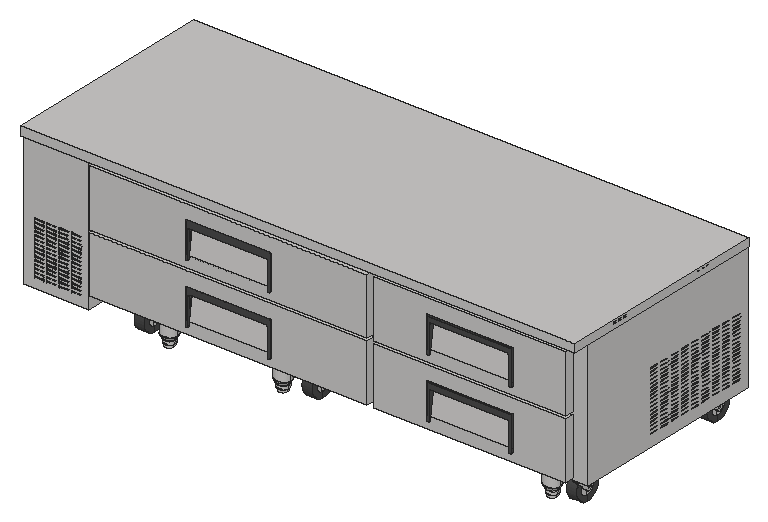
Revit family "QF_EVEREST_ECB82D4", category Specialty Equipment, Revit 2015 (continued)
Forms (mm)
  Extrusion 14, void
    sketch origin (3.002, 0, 593.978) x (0, 0, -1) y (0, -1, 0)
      loop
        arc (312.478, 231.5) -> (316.478, 227.5) -> (320.478, 231.5) r 4
        line (320.478, 231.5) -> (320.478, 263.5)
        arc (320.478, 263.5) -> (316.478, 267.5) -> (312.478, 263.5) r 4
        line (312.478, 263.5) -> (312.478, 231.5)
      loop
        arc (312.478, 280) -> (316.478, 276) -> (320.478, 280) r 4
        line (320.478, 280) -> (320.478, 312)
        arc (320.478, 312) -> (316.478, 316) -> (312.478, 312) r 4
        line (312.478, 312) -> (312.478, 280)
      loop
        arc (312.478, 328.5) -> (316.478, 324.5) -> (320.478, 328.5) r 4
        line (320.478, 328.5) -> (320.478, 360.5)
        arc (320.478, 360.5) -> (316.478, 364.5) -> (312.478, 360.5) r 4
        line (312.478, 360.5) -> (312.478, 328.5)
      loop
        arc (312.478, 377) -> (316.478, 373) -> (320.478, 377) r 4
        line (320.478, 377) -> (320.478, 409)
        arc (320.478, 409) -> (316.478, 413) -> (312.478, 409) r 4
        line (312.478, 409) -> (312.478, 377)
      loop
        arc (312.478, 425.5) -> (316.478, 421.5) -> (320.478, 425.5) r 4
        line (320.478, 425.5) -> (320.478, 457.5)
        arc (320.478, 457.5) -> (316.478, 461.5) -> (312.478, 457.5) r 4
        line (312.478, 457.5) -> (312.478, 425.5)
      loop
        arc (325.478, 37.5) -> (329.478, 33.5) -> (333.478, 37.5) r 4
        line (333.478, 37.5) -> (333.478, 69.5)
        arc (333.478, 69.5) -> (329.478, 73.5) -> (325.478, 69.5) r 4
        line (325.478, 69.5) -> (325.478, 37.5)
      loop
        arc (325.478, 86) -> (329.478, 82) -> (333.478, 86) r 4
        line (333.478, 86) -> (333.478, 118)
        arc (333.478, 118) -> (329.478, 122) -> (325.478, 118) r 4
        line (325.478, 118) -> (325.478, 86)
      loop
        arc (325.478, 134.5) -> (329.478, 130.5) -> (333.478, 134.5) r 4
        line (333.478, 134.5) -> (333.478, 166.5)
        arc (333.478, 166.5) -> (329.478, 170.5) -> (325.478, 166.5) r 4
        line (325.478, 166.5) -> (325.478, 134.5)
      loop
        arc (325.478, 183) -> (329.478, 179) -> (333.478, 183) r 4
        line (333.478, 183) -> (333.478, 215)
        arc (333.478, 215) -> (329.478, 219) -> (325.478, 215) r 4
        line (325.478, 215) -> (325.478, 183)
      loop
        arc (325.478, 231.5) -> (329.478, 227.5) -> (333.478, 231.5) r 4
        line (333.478, 231.5) -> (333.478, 263.5)
        arc (333.478, 263.5) -> (329.478, 267.5) -> (325.478, 263.5) r 4
        line (325.478, 263.5) -> (325.478, 231.5)
      loop
        arc (325.478, 280) -> (329.478, 276) -> (333.478, 280) r 4
        line (333.478, 280) -> (333.478, 312)
        arc (333.478, 312) -> (329.478, 316) -> (325.478, 312) r 4
        line (325.478, 312) -> (325.478, 280)
      loop
        arc (325.478, 328.5) -> (329.478, 324.5) -> (333.478, 328.5) r 4
        line (333.478, 328.5) -> (333.478, 360.5)
        arc (333.478, 360.5) -> (329.478, 364.5) -> (325.478, 360.5) r 4
        line (325.478, 360.5) -> (325.478, 328.5)
      loop
        arc (325.478, 377) -> (329.478, 373) -> (333.478, 377) r 4
        line (333.478, 377) -> (333.478, 409)
        arc (333.478, 409) -> (329.478, 413) -> (325.478, 409) r 4
        line (325.478, 409) -> (325.478, 377)
      loop
        arc (325.478, 425.5) -> (329.478, 421.5) -> (333.478, 425.5) r 4
        line (333.478, 425.5) -> (333.478, 457.5)
        arc (333.478, 457.5) -> (329.478, 461.5) -> (325.478, 457.5) r 4
        line (325.478, 457.5) -> (325.478, 425.5)
      loop
        arc (338.478, 37.5) -> (342.478, 33.5) -> (346.478, 37.5) r 4
        line (346.478, 37.5) -> (346.478, 69.5)
        arc (346.478, 69.5) -> (342.478, 73.5) -> (338.478, 69.5) r 4
        line (338.478, 69.5) -> (338.478, 37.5)
      loop
        arc (338.478, 86) -> (342.478, 82) -> (346.478, 86) r 4
        line (346.478, 86) -> (346.478, 118)
        arc (346.478, 118) -> (342.478, 122) -> (338.478, 118) r 4
        line (338.478, 118) -> (338.478, 86)
      loop
        arc (338.478, 134.5) -> (342.478, 130.5) -> (346.478, 134.5) r 4
        line (346.478, 134.5) -> (346.478, 166.5)
        arc (346.478, 166.5) -> (342.478, 170.5) -> (338.478, 166.5) r 4
        line (338.478, 166.5) -> (338.478, 134.5)
      loop
        arc (338.478, 183) -> (342.478, 179) -> (346.478, 183) r 4
        line (346.478, 183) -> (346.478, 215)
        arc (346.478, 215) -> (342.478, 219) -> (338.478, 215) r 4
        line (338.478, 215) -> (338.478, 183)
      loop
        arc (338.478, 231.5) -> (342.478, 227.5) -> (346.478, 231.5) r 4
        line (346.478, 231.5) -> (346.478, 263.5)
        arc (346.478, 263.5) -> (342.478, 267.5) -> (338.478, 263.5) r 4
        line (338.478, 263.5) -> (338.478, 231.5)
      loop
        arc (338.478, 280) -> (342.478, 276) -> (346.478, 280) r 4
        line (346.478, 280) -> (346.478, 312)
        arc (346.478, 312) -> (342.478, 316) -> (338.478, 312) r 4
        line (338.478, 312) -> (338.478, 280)
      loop
        arc (338.478, 328.5) -> (342.478, 324.5) -> (346.478, 328.5) r 4
        line (346.478, 328.5) -> (346.478, 360.5)
        arc (346.478, 360.5) -> (342.478, 364.5) -> (338.478, 360.5) r 4
        line (338.478, 360.5) -> (338.478, 328.5)
      loop
        arc (338.478, 377) -> (342.478, 373) -> (346.478, 377) r 4
        line (346.478, 377) -> (346.478, 409)
        arc (346.478, 409) -> (342.478, 413) -> (338.478, 409) r 4
        line (338.478, 409) -> (338.478, 377)
      loop
        arc (338.478, 425.5) -> (342.478, 421.5) -> (346.478, 425.5) r 4
        line (346.478, 425.5) -> (346.478, 457.5)
        arc (346.478, 457.5) -> (342.478, 461.5) -> (338.478, 457.5) r 4
        line (338.478, 457.5) -> (338.478, 425.5)
      loop
        arc (351.478, 37.5) -> (355.478, 33.5) -> (359.478, 37.5) r 4
        line (359.478, 37.5) -> (359.478, 69.5)
        arc (359.478, 69.5) -> (355.478, 73.5) -> (351.478, 69.5) r 4
        line (351.478, 69.5) -> (351.478, 37.5)
      loop
        arc (351.478, 86) -> (355.478, 82) -> (359.478, 86) r 4
        line (359.478, 86) -> (359.478, 118)
        arc (359.478, 118) -> (355.478, 122) -> (351.478, 118) r 4
        line (351.478, 118) -> (351.478, 86)
      loop
        arc (351.478, 134.5) -> (355.478, 130.5) -> (359.478, 134.5) r 4
        line (359.478, 134.5) -> (359.478, 166.5)
        arc (359.478, 166.5) -> (355.478, 170.5) -> (351.478, 166.5) r 4
        line (351.478, 166.5) -> (351.478, 134.5)
      loop
        arc (351.478, 183) -> (355.478, 179) -> (359.478, 183) r 4
        line (359.478, 183) -> (359.478, 215)
        arc (359.478, 215) -> (355.478, 219) -> (351.478, 215) r 4
        line (351.478, 215) -> (351.478, 183)
      loop
        arc (351.478, 231.5) -> (355.478, 227.5) -> (359.478, 231.5) r 4
        line (359.478, 231.5) -> (359.478, 263.5)
        arc (359.478, 263.5) -> (355.478, 267.5) -> (351.478, 263.5) r 4
        line (351.478, 263.5) -> (351.478, 231.5)
      loop
        arc (351.478, 280) -> (355.478, 276) -> (359.478, 280) r 4
        line (359.478, 280) -> (359.478, 312)
        arc (359.478, 312) -> (355.478, 316) -> (351.478, 312) r 4
        line (351.478, 312) -> (351.478, 280)
      loop
        arc (351.478, 328.5) -> (355.478, 324.5) -> (359.478, 328.5) r 4
        line (359.478, 328.5) -> (359.478, 360.5)
        arc (359.478, 360.5) -> (355.478, 364.5) -> (351.478, 360.5) r 4
        line (351.478, 360.5) -> (351.478, 328.5)
      loop
        arc (351.478, 377) -> (355.478, 373) -> (359.478, 377) r 4
        line (359.478, 377) -> (359.478, 409)
        arc (359.478, 409) -> (355.478, 413) -> (351.478, 409) r 4
        line (351.478, 409) -> (351.478, 377)
      loop
        arc (351.478, 425.5) -> (355.478, 421.5) -> (359.478, 425.5) r 4
        line (359.478, 425.5) -> (359.478, 457.5)
        arc (359.478, 457.5) -> (355.478, 461.5) -> (351.478, 457.5) r 4
        line (351.478, 457.5) -> (351.478, 425.5)
      loop
        arc (364.478, 37.5) -> (368.478, 33.5) -> (372.478, 37.5) r 4
        line (372.478, 37.5) -> (372.478, 69.5)
        arc (372.478, 69.5) -> (368.478, 73.5) -> (364.478, 69.5) r 4
        line (364.478, 69.5) -> (364.478, 37.5)
      loop
        arc (364.478, 86) -> (368.478, 82) -> (372.478, 86) r 4
        line (372.478, 86) -> (372.478, 118)
        arc (372.478, 118) -> (368.478, 122) -> (364.478, 118) r 4
        line (364.478, 118) -> (364.478, 86)
      loop
        arc (364.478, 134.5) -> (368.478, 130.5) -> (372.478, 134.5) r 4
        line (372.478, 134.5) -> (372.478, 166.5)
        arc (372.478, 166.5) -> (368.478, 170.5) -> (364.478, 166.5) r 4
        line (364.478, 166.5) -> (364.478, 134.5)
      loop
        arc (364.478, 183) -> (368.478, 179) -> (372.478, 183) r 4
        line (372.478, 183) -> (372.478, 215)
        arc (372.478, 215) -> (368.478, 219) -> (364.478, 215) r 4
        line (364.478, 215) -> (364.478, 183)
      loop
        arc (364.478, 231.5) -> (368.478, 227.5) -> (372.478, 231.5) r 4
        line (372.478, 231.5) -> (372.478, 263.5)
        arc (372.478, 263.5) -> (368.478, 267.5) -> (364.478, 263.5) r 4
        line (364.478, 263.5) -> (364.478, 231.5)
      loop
        arc (364.478, 280) -> (368.478, 276) -> (372.478, 280) r 4
        line (372.478, 280) -> (372.478, 312)
        arc (372.478, 312) -> (368.478, 316) -> (364.478, 312) r 4
        line (364.478, 312) -> (364.478, 280)
      loop
        arc (364.478, 328.5) -> (368.478, 324.5) -> (372.478, 328.5) r 4
        line (372.478, 328.5) -> (372.478, 360.5)
        arc (372.478, 360.5) -> (368.478, 364.5) -> (364.478, 360.5) r 4
        line (364.478, 360.5) -> (364.478, 328.5)
      loop
        arc (364.478, 377) -> (368.478, 373) -> (372.478, 377) r 4
        line (372.478, 377) -> (372.478, 409)
        arc (372.478, 409) -> (368.478, 413) -> (364.478, 409) r 4
        line (364.478, 409) -> (364.478, 377)
      loop
        arc (364.478, 425.5) -> (368.478, 421.5) -> (372.478, 425.5) r 4
        line (372.478, 425.5) -> (372.478, 457.5)
        arc (372.478, 457.5) -> (368.478, 461.5) -> (364.478, 457.5) r 4
        line (364.478, 457.5) -> (364.478, 425.5)
      loop
        arc (377.478, 37.5) -> (381.478, 33.5) -> (385.478, 37.5) r 4
        line (385.478, 37.5) -> (385.478, 69.5)
        arc (385.478, 69.5) -> (381.478, 73.5) -> (377.478, 69.5) r 4
        line (377.478, 69.5) -> (377.478, 37.5)
      loop
        arc (377.478, 86) -> (381.478, 82) -> (385.478, 86) r 4
        line (385.478, 86) -> (385.478, 118)
        arc (385.478, 118) -> (381.478, 122) -> (377.478, 118) r 4
        line (377.478, 118) -> (377.478, 86)
      loop
        arc (377.478, 134.5) -> (381.478, 130.5) -> (385.478, 134.5) r 4
        line (385.478, 134.5) -> (385.478, 166.5)
        arc (385.478, 166.5) -> (381.478, 170.5) -> (377.478, 166.5) r 4
        line (377.478, 166.5) -> (377.478, 134.5)
      loop
        arc (377.478, 183) -> (381.478, 179) -> (385.478, 183) r 4
        line (385.478, 183) -> (385.478, 215)
        arc (385.478, 215) -> (381.478, 219) -> (377.478, 215) r 4
        line (377.478, 215) -> (377.478, 183)
      loop
        arc (377.478, 231.5) -> (381.478, 227.5) -> (385.478, 231.5) r 4
        line (385.478, 231.5) -> (385.478, 263.5)
        arc (385.478, 263.5) -> (381.478, 267.5) -> (377.478, 263.5) r 4
        line (377.478, 263.5) -> (377.478, 231.5)
      loop
        arc (377.478, 280) -> (381.478, 276) -> (385.478, 280) r 4
        line (385.478, 280) -> (385.478, 312)
        arc (385.478, 312) -> (381.478, 316) -> (377.478, 312) r 4
        line (377.478, 312) -> (377.478, 280)
      loop
        arc (377.478, 328.5) -> (381.478, 324.5) -> (385.478, 328.5) r 4
        line (385.478, 328.5) -> (385.478, 360.5)
        arc (385.478, 360.5) -> (381.478, 364.5) -> (377.478, 360.5) r 4
        line (377.478, 360.5) -> (377.478, 328.5)
      loop
        arc (377.478, 377) -> (381.478, 373) -> (385.478, 377) r 4
        line (385.478, 377) -> (385.478, 409)
        arc (385.478, 409) -> (381.478, 413) -> (377.478, 409) r 4
        line (377.478, 409) -> (377.478, 377)
      loop
        arc (377.478, 425.5) -> (381.478, 421.5) -> (385.478, 425.5) r 4
        line (385.478, 425.5) -> (385.478, 457.5)
        arc (385.478, 457.5) -> (381.478, 461.5) -> (377.478, 457.5) r 4
        line (377.478, 457.5) -> (377.478, 425.5)
      loop
        arc (390.478, 37.5) -> (394.478, 33.5) -> (398.478, 37.5) r 4
        line (398.478, 37.5) -> (398.478, 69.5)
        arc (398.478, 69.5) -> (394.478, 73.5) -> (390.478, 69.5) r 4
        line (390.478, 69.5) -> (390.478, 37.5)
      loop
        arc (390.478, 86) -> (394.478, 82) -> (398.478, 86) r 4
        line (398.478, 86) -> (398.478, 118)
        arc (398.478, 118) -> (394.478, 122) -> (390.478, 118) r 4
        line (390.478, 118) -> (390.478, 86)
      loop
        arc (390.478, 134.5) -> (394.478, 130.5) -> (398.478, 134.5) r 4
        line (398.478, 134.5) -> (398.478, 166.5)
        arc (398.478, 166.5) -> (394.478, 170.5) -> (390.478, 166.5) r 4
        line (390.478, 166.5) -> (390.478, 134.5)
      loop
        arc (390.478, 183) -> (394.478, 179) -> (398.478, 183) r 4
        line (398.478, 183) -> (398.478, 215)
        arc (398.478, 215) -> (394.478, 219) -> (390.478, 215) r 4
        line (390.478, 215) -> (390.478, 183)
      loop
        arc (390.478, 231.5) -> (394.478, 227.5) -> (398.478, 231.5) r 4
        line (398.478, 231.5) -> (398.478, 263.5)
        arc (398.478, 263.5) -> (394.478, 267.5) -> (390.478, 263.5) r 4
        line (390.478, 263.5) -> (390.478, 231.5)
      loop
        arc (390.478, 280) -> (394.478, 276) -> (398.478, 280) r 4
        line (398.478, 280) -> (398.478, 312)
        arc (398.478, 312) -> (394.478, 316) -> (390.478, 312) r 4
        line (390.478, 312) -> (390.478, 280)
      loop
        arc (390.478, 328.5) -> (394.478, 324.5) -> (398.478, 328.5) r 4
        line (398.478, 328.5) -> (398.478, 360.5)
        arc (398.478, 360.5) -> (394.478, 364.5) -> (390.478, 360.5) r 4
        line (390.478, 360.5) -> (390.478, 328.5)
      loop
        arc (390.478, 377) -> (394.478, 373) -> (398.478, 377) r 4
        line (398.478, 377) -> (398.478, 409)
        arc (398.478, 409) -> (394.478, 413) -> (390.478, 409) r 4
        line (390.478, 409) -> (390.478, 377)
      loop
        arc (390.478, 425.5) -> (394.478, 421.5) -> (398.478, 425.5) r 4
        line (398.478, 425.5) -> (398.478, 457.5)
        arc (398.478, 457.5) -> (394.478, 461.5) -> (390.478, 457.5) r 4
        line (390.478, 457.5) -> (390.478, 425.5)
      loop
        arc (403.478, 37.5) -> (407.478, 33.5) -> (411.478, 37.5) r 4
        line (411.478, 37.5) -> (411.478, 69.5)
        arc (411.478, 69.5) -> (407.478, 73.5) -> (403.478, 69.5) r 4
        line (403.478, 69.5) -> (403.478, 37.5)
      loop
        arc (403.478, 86) -> (407.478, 82) -> (411.478, 86) r 4
        line (411.478, 86) -> (411.478, 118)
        arc (411.478, 118) -> (407.478, 122) -> (403.478, 118) r 4
        line (403.478, 118) -> (403.478, 86)
      loop
        arc (403.478, 134.5) -> (407.478, 130.5) -> (411.478, 134.5) r 4
        line (411.478, 134.5) -> (411.478, 166.5)
        arc (411.478, 166.5) -> (407.478, 170.5) -> (403.478, 166.5) r 4
        line (403.478, 166.5) -> (403.478, 134.5)
      loop
        arc (403.478, 183) -> (407.478, 179) -> (411.478, 183) r 4
        line (411.478, 183) -> (411.478, 215)
        arc (411.478, 215) -> (407.478, 219) -> (403.478, 215) r 4
        line (403.478, 215) -> (403.478, 183)
      loop
        arc (403.478, 231.5) -> (407.478, 227.5) -> (411.478, 231.5) r 4
        line (411.478, 231.5) -> (411.478, 263.5)
        arc (411.478, 263.5) -> (407.478, 267.5) -> (403.478, 263.5) r 4
        line (403.478, 263.5) -> (403.478, 231.5)
      loop
        arc (403.478, 280) -> (407.478, 276) -> (411.478, 280) r 4
        line (411.478, 280) -> (411.478, 312)
        arc (411.478, 312) -> (407.478, 316) -> (403.478, 312) r 4
        line (403.478, 312) -> (403.478, 280)
      loop
        arc (403.478, 328.5) -> (407.478, 324.5) -> (411.478, 328.5) r 4
        line (411.478, 328.5) -> (411.478, 360.5)
        arc (411.478, 360.5) -> (407.478, 364.5) -> (403.478, 360.5) r 4
        line (403.478, 360.5) -> (403.478, 328.5)
      loop
        arc (403.478, 377) -> (407.478, 373) -> (411.478, 377) r 4
        line (411.478, 377) -> (411.478, 409)
        arc (411.478, 409) -> (407.478, 413) -> (403.478, 409) r 4
        line (403.478, 409) -> (403.478, 377)
      loop
        arc (403.478, 425.5) -> (407.478, 421.5) -> (411.478, 425.5) r 4
        line (411.478, 425.5) -> (411.478, 457.5)
        arc (411.478, 457.5) -> (407.478, 461.5) -> (403.478, 457.5) r 4
        line (403.478, 457.5) -> (403.478, 425.5)
      loop
        arc (416.478, 37.5) -> (420.478, 33.5) -> (424.478, 37.5) r 4
        line (424.478, 37.5) -> (424.478, 69.5)
        arc (424.478, 69.5) -> (420.478, 73.5) -> (416.478, 69.5) r 4
        line (416.478, 69.5) -> (416.478, 37.5)
      loop
        arc (416.478, 86) -> (420.478, 82) -> (424.478, 86) r 4
        line (424.478, 86) -> (424.478, 118)
        arc (424.478, 118) -> (420.478, 122) -> (416.478, 118) r 4
        line (416.478, 118) -> (416.478, 86)
      loop
        arc (416.478, 134.5) -> (420.478, 130.5) -> (424.478, 134.5) r 4
        line (424.478, 134.5) -> (424.478, 166.5)
        arc (424.478, 166.5) -> (420.478, 170.5) -> (416.478, 166.5) r 4
        line (416.478, 166.5) -> (416.478, 134.5)
      loop
        arc (416.478, 183) -> (420.478, 179) -> (424.478, 183) r 4
        line (424.478, 183) -> (424.478, 215)
        arc (424.478, 215) -> (420.478, 219) -> (416.478, 215) r 4
        line (416.478, 215) -> (416.478, 183)
      loop
        arc (416.478, 231.5) -> (420.478, 227.5) -> (424.478, 231.5) r 4
        line (424.478, 231.5) -> (424.478, 263.5)
        arc (424.478, 263.5) -> (420.478, 267.5) -> (416.478, 263.5) r 4
        line (416.478, 263.5) -> (416.478, 231.5)
      loop
        arc (416.478, 280) -> (420.478, 276) -> (424.478, 280) r 4
        line (424.478, 280) -> (424.478, 312)
        arc (424.478, 312) -> (420.478, 316) -> (416.478, 312) r 4
        line (416.478, 312) -> (416.478, 280)
      loop
        arc (416.478, 328.5) -> (420.478, 324.5) -> (424.478, 328.5) r 4
        line (424.478, 328.5) -> (424.478, 360.5)
        arc (424.478, 360.5) -> (420.478, 364.5) -> (416.478, 360.5) r 4
        line (416.478, 360.5) -> (416.478, 328.5)
      loop
        arc (416.478, 377) -> (420.478, 373) -> (424.478, 377) r 4
        line (424.478, 377) -> (424.478, 409)
        arc (424.478, 409) -> (420.478, 413) -> (416.478, 409) r 4
        line (416.478, 409) -> (416.478, 377)
      loop
        arc (416.478, 425.5) -> (420.478, 421.5) -> (424.478, 425.5) r 4
        line (424.478, 425.5) -> (424.478, 457.5)
        arc (424.478, 457.5) -> (420.478, 461.5) -> (416.478, 457.5) r 4
        line (416.478, 457.5) -> (416.478, 425.5)
    from 0 to -3.2
  Extrusion 15, void
    sketch origin (2088.5, 0, 127) x (0, 0, -1) y (0, -1, 0)
      loop
        arc (-271.5, 37.5) -> (-267.5, 33.5) -> (-263.5, 37.5) r 4
        line (-263.5, 37.5) -> (-263.5, 69.5)
        arc (-263.5, 69.5) -> (-267.5, 73.5) -> (-271.5, 69.5) r 4
        line (-271.5, 69.5) -> (-271.5, 37.5)
      loop
        arc (-271.5, 86) -> (-267.5, 82) -> (-263.5, 86) r 4
        line (-263.5, 86) -> (-263.5, 118)
        arc (-263.5, 118) -> (-267.5, 122) -> (-271.5, 118) r 4
        line (-271.5, 118) -> (-271.5, 86)
      loop
        arc (-271.5, 134.5) -> (-267.5, 130.5) -> (-263.5, 134.5) r 4
        line (-263.5, 134.5) -> (-263.5, 166.5)
        arc (-263.5, 166.5) -> (-267.5, 170.5) -> (-271.5, 166.5) r 4
        line (-271.5, 166.5) -> (-271.5, 134.5)
      loop
        arc (-271.5, 183) -> (-267.5, 179) -> (-263.5, 183) r 4
        line (-263.5, 183) -> (-263.5, 215)
        arc (-263.5, 215) -> (-267.5, 219) -> (-271.5, 215) r 4
        line (-271.5, 215) -> (-271.5, 183)
      loop
        arc (-271.5, 231.5) -> (-267.5, 227.5) -> (-263.5, 231.5) r 4
        line (-263.5, 231.5) -> (-263.5, 263.5)
        arc (-263.5, 263.5) -> (-267.5, 267.5) -> (-271.5, 263.5) r 4
        line (-271.5, 263.5) -> (-271.5, 231.5)
      loop
        arc (-271.5, 280) -> (-267.5, 276) -> (-263.5, 280) r 4
        line (-263.5, 280) -> (-263.5, 312)
        arc (-263.5, 312) -> (-267.5, 316) -> (-271.5, 312) r 4
        line (-271.5, 312) -> (-271.5, 280)
      loop
        arc (-271.5, 328.5) -> (-267.5, 324.5) -> (-263.5, 328.5) r 4
        line (-263.5, 328.5) -> (-263.5, 360.5)
        arc (-263.5, 360.5) -> (-267.5, 364.5) -> (-271.5, 360.5) r 4
        line (-271.5, 360.5) -> (-271.5, 328.5)
      loop
        arc (-271.5, 377) -> (-267.5, 373) -> (-263.5, 377) r 4
        line (-263.5, 377) -> (-263.5, 409)
        arc (-263.5, 409) -> (-267.5, 413) -> (-271.5, 409) r 4
        line (-271.5, 409) -> (-271.5, 377)
      loop
        arc (-271.5, 425.5) -> (-267.5, 421.5) -> (-263.5, 425.5) r 4
        line (-263.5, 425.5) -> (-263.5, 457.5)
        arc (-263.5, 457.5) -> (-267.5, 461.5) -> (-271.5, 457.5) r 4
        line (-271.5, 457.5) -> (-271.5, 425.5)
      loop
        arc (-258.5, 37.5) -> (-254.5, 33.5) -> (-250.5, 37.5) r 4
        line (-250.5, 37.5) -> (-250.5, 69.5)
        arc (-250.5, 69.5) -> (-254.5, 73.5) -> (-258.5, 69.5) r 4
        line (-258.5, 69.5) -> (-258.5, 37.5)
      loop
        arc (-258.5, 86) -> (-254.5, 82) -> (-250.5, 86) r 4
        line (-250.5, 86) -> (-250.5, 118)
        arc (-250.5, 118) -> (-254.5, 122) -> (-258.5, 118) r 4
        line (-258.5, 118) -> (-258.5, 86)
      loop
        arc (-258.5, 134.5) -> (-254.5, 130.5) -> (-250.5, 134.5) r 4
        line (-250.5, 134.5) -> (-250.5, 166.5)
        arc (-250.5, 166.5) -> (-254.5, 170.5) -> (-258.5, 166.5) r 4
        line (-258.5, 166.5) -> (-258.5, 134.5)
      loop
        arc (-258.5, 183) -> (-254.5, 179) -> (-250.5, 183) r 4
        line (-250.5, 183) -> (-250.5, 215)
        arc (-250.5, 215) -> (-254.5, 219) -> (-258.5, 215) r 4
        line (-258.5, 215) -> (-258.5, 183)
      loop
        arc (-258.5, 231.5) -> (-254.5, 227.5) -> (-250.5, 231.5) r 4
        line (-250.5, 231.5) -> (-250.5, 263.5)
        arc (-250.5, 263.5) -> (-254.5, 267.5) -> (-258.5, 263.5) r 4
        line (-258.5, 263.5) -> (-258.5, 231.5)
      loop
        arc (-258.5, 280) -> (-254.5, 276) -> (-250.5, 280) r 4
        line (-250.5, 280) -> (-250.5, 312)
        arc (-250.5, 312) -> (-254.5, 316) -> (-258.5, 312) r 4
        line (-258.5, 312) -> (-258.5, 280)
      loop
        arc (-258.5, 328.5) -> (-254.5, 324.5) -> (-250.5, 328.5) r 4
        line (-250.5, 328.5) -> (-250.5, 360.5)
        arc (-250.5, 360.5) -> (-254.5, 364.5) -> (-258.5, 360.5) r 4
        line (-258.5, 360.5) -> (-258.5, 328.5)
      loop
        arc (-258.5, 377) -> (-254.5, 373) -> (-250.5, 377) r 4
        line (-250.5, 377) -> (-250.5, 409)
        arc (-250.5, 409) -> (-254.5, 413) -> (-258.5, 409) r 4
        line (-258.5, 409) -> (-258.5, 377)
      loop
        arc (-258.5, 425.5) -> (-254.5, 421.5) -> (-250.5, 425.5) r 4
        line (-250.5, 425.5) -> (-250.5, 457.5)
        arc (-250.5, 457.5) -> (-254.5, 461.5) -> (-258.5, 457.5) r 4
        line (-258.5, 457.5) -> (-258.5, 425.5)
      loop
        arc (-245.5, 37.5) -> (-241.5, 33.5) -> (-237.5, 37.5) r 4
        line (-237.5, 37.5) -> (-237.5, 69.5)
        arc (-237.5, 69.5) -> (-241.5, 73.5) -> (-245.5, 69.5) r 4
        line (-245.5, 69.5) -> (-245.5, 37.5)
      loop
        arc (-245.5, 86) -> (-241.5, 82) -> (-237.5, 86) r 4
        line (-237.5, 86) -> (-237.5, 118)
        arc (-237.5, 118) -> (-241.5, 122) -> (-245.5, 118) r 4
        line (-245.5, 118) -> (-245.5, 86)
      loop
        arc (-245.5, 134.5) -> (-241.5, 130.5) -> (-237.5, 134.5) r 4
        line (-237.5, 134.5) -> (-237.5, 166.5)
        arc (-237.5, 166.5) -> (-241.5, 170.5) -> (-245.5, 166.5) r 4
        line (-245.5, 166.5) -> (-245.5, 134.5)
      loop
        arc (-245.5, 183) -> (-241.5, 179) -> (-237.5, 183) r 4
        line (-237.5, 183) -> (-237.5, 215)
        arc (-237.5, 215) -> (-241.5, 219) -> (-245.5, 215) r 4
        line (-245.5, 215) -> (-245.5, 183)
      loop
        arc (-245.5, 231.5) -> (-241.5, 227.5) -> (-237.5, 231.5) r 4
        line (-237.5, 231.5) -> (-237.5, 263.5)
        arc (-237.5, 263.5) -> (-241.5, 267.5) -> (-245.5, 263.5) r 4
        line (-245.5, 263.5) -> (-245.5, 231.5)
      loop
        arc (-245.5, 280) -> (-241.5, 276) -> (-237.5, 280) r 4
        line (-237.5, 280) -> (-237.5, 312)
        arc (-237.5, 312) -> (-241.5, 316) -> (-245.5, 312) r 4
        line (-245.5, 312) -> (-245.5, 280)
      loop
        arc (-245.5, 328.5) -> (-241.5, 324.5) -> (-237.5, 328.5) r 4
        line (-237.5, 328.5) -> (-237.5, 360.5)
        arc (-237.5, 360.5) -> (-241.5, 364.5) -> (-245.5, 360.5) r 4
        line (-245.5, 360.5) -> (-245.5, 328.5)
      loop
        arc (-245.5, 377) -> (-241.5, 373) -> (-237.5, 377) r 4
        line (-237.5, 377) -> (-237.5, 409)
        arc (-237.5, 409) -> (-241.5, 413) -> (-245.5, 409) r 4
        line (-245.5, 409) -> (-245.5, 377)
      loop
        arc (-245.5, 425.5) -> (-241.5, 421.5) -> (-237.5, 425.5) r 4
        line (-237.5, 425.5) -> (-237.5, 457.5)
        arc (-237.5, 457.5) -> (-241.5, 461.5) -> (-245.5, 457.5) r 4
        line (-245.5, 457.5) -> (-245.5, 425.5)
      loop
        arc (-232.5, 37.5) -> (-228.5, 33.5) -> (-224.5, 37.5) r 4
        line (-224.5, 37.5) -> (-224.5, 69.5)
        arc (-224.5, 69.5) -> (-228.5, 73.5) -> (-232.5, 69.5) r 4
        line (-232.5, 69.5) -> (-232.5, 37.5)
      loop
        arc (-232.5, 86) -> (-228.5, 82) -> (-224.5, 86) r 4
        line (-224.5, 86) -> (-224.5, 118)
        arc (-224.5, 118) -> (-228.5, 122) -> (-232.5, 118) r 4
        line (-232.5, 118) -> (-232.5, 86)
      loop
        arc (-232.5, 134.5) -> (-228.5, 130.5) -> (-224.5, 134.5) r 4
        line (-224.5, 134.5) -> (-224.5, 166.5)
        arc (-224.5, 166.5) -> (-228.5, 170.5) -> (-232.5, 166.5) r 4
        line (-232.5, 166.5) -> (-232.5, 134.5)
      loop
        arc (-232.5, 183) -> (-228.5, 179) -> (-224.5, 183) r 4
        line (-224.5, 183) -> (-224.5, 215)
        arc (-224.5, 215) -> (-228.5, 219) -> (-232.5, 215) r 4
        line (-232.5, 215) -> (-232.5, 183)
      loop
        arc (-232.5, 231.5) -> (-228.5, 227.5) -> (-224.5, 231.5) r 4
        line (-224.5, 231.5) -> (-224.5, 263.5)
        arc (-224.5, 263.5) -> (-228.5, 267.5) -> (-232.5, 263.5) r 4
        line (-232.5, 263.5) -> (-232.5, 231.5)
      loop
        arc (-232.5, 280) -> (-228.5, 276) -> (-224.5, 280) r 4
        line (-224.5, 280) -> (-224.5, 312)
        arc (-224.5, 312) -> (-228.5, 316) -> (-232.5, 312) r 4
        line (-232.5, 312) -> (-232.5, 280)
      loop
        arc (-232.5, 328.5) -> (-228.5, 324.5) -> (-224.5, 328.5) r 4
        line (-224.5, 328.5) -> (-224.5, 360.5)
        arc (-224.5, 360.5) -> (-228.5, 364.5) -> (-232.5, 360.5) r 4
        line (-232.5, 360.5) -> (-232.5, 328.5)
      loop
        arc (-232.5, 377) -> (-228.5, 373) -> (-224.5, 377) r 4
        line (-224.5, 377) -> (-224.5, 409)
        arc (-224.5, 409) -> (-228.5, 413) -> (-232.5, 409) r 4
        line (-232.5, 409) -> (-232.5, 377)
      loop
        arc (-232.5, 425.5) -> (-228.5, 421.5) -> (-224.5, 425.5) r 4
        line (-224.5, 425.5) -> (-224.5, 457.5)
        arc (-224.5, 457.5) -> (-228.5, 461.5) -> (-232.5, 457.5) r 4
        line (-232.5, 457.5) -> (-232.5, 425.5)
      loop
        arc (-219.5, 37.5) -> (-215.5, 33.5) -> (-211.5, 37.5) r 4
        line (-211.5, 37.5) -> (-211.5, 69.5)
        arc (-211.5, 69.5) -> (-215.5, 73.5) -> (-219.5, 69.5) r 4
        line (-219.5, 69.5) -> (-219.5, 37.5)
      loop
        arc (-219.5, 86) -> (-215.5, 82) -> (-211.5, 86) r 4
        line (-211.5, 86) -> (-211.5, 118)
        arc (-211.5, 118) -> (-215.5, 122) -> (-219.5, 118) r 4
        line (-219.5, 118) -> (-219.5, 86)
      loop
        arc (-219.5, 134.5) -> (-215.5, 130.5) -> (-211.5, 134.5) r 4
        line (-211.5, 134.5) -> (-211.5, 166.5)
        arc (-211.5, 166.5) -> (-215.5, 170.5) -> (-219.5, 166.5) r 4
        line (-219.5, 166.5) -> (-219.5, 134.5)
      loop
        arc (-219.5, 183) -> (-215.5, 179) -> (-211.5, 183) r 4
        line (-211.5, 183) -> (-211.5, 215)
        arc (-211.5, 215) -> (-215.5, 219) -> (-219.5, 215) r 4
        line (-219.5, 215) -> (-219.5, 183)
      loop
        arc (-219.5, 231.5) -> (-215.5, 227.5) -> (-211.5, 231.5) r 4
        line (-211.5, 231.5) -> (-211.5, 263.5)
        arc (-211.5, 263.5) -> (-215.5, 267.5) -> (-219.5, 263.5) r 4
        line (-219.5, 263.5) -> (-219.5, 231.5)
      loop
        arc (-219.5, 280) -> (-215.5, 276) -> (-211.5, 280) r 4
        line (-211.5, 280) -> (-211.5, 312)
        arc (-211.5, 312) -> (-215.5, 316) -> (-219.5, 312) r 4
        line (-219.5, 312) -> (-219.5, 280)
      loop
        arc (-219.5, 328.5) -> (-215.5, 324.5) -> (-211.5, 328.5) r 4
        line (-211.5, 328.5) -> (-211.5, 360.5)
        arc (-211.5, 360.5) -> (-215.5, 364.5) -> (-219.5, 360.5) r 4
        line (-219.5, 360.5) -> (-219.5, 328.5)
      loop
        arc (-219.5, 377) -> (-215.5, 373) -> (-211.5, 377) r 4
        line (-211.5, 377) -> (-211.5, 409)
        arc (-211.5, 409) -> (-215.5, 413) -> (-219.5, 409) r 4
        line (-219.5, 409) -> (-219.5, 377)
      loop
        arc (-219.5, 425.5) -> (-215.5, 421.5) -> (-211.5, 425.5) r 4
        line (-211.5, 425.5) -> (-211.5, 457.5)
        arc (-211.5, 457.5) -> (-215.5, 461.5) -> (-219.5, 457.5) r 4
        line (-219.5, 457.5) -> (-219.5, 425.5)
      loop
        arc (-206.5, 37.5) -> (-202.5, 33.5) -> (-198.5, 37.5) r 4
        line (-198.5, 37.5) -> (-198.5, 69.5)
        arc (-198.5, 69.5) -> (-202.5, 73.5) -> (-206.5, 69.5) r 4
        line (-206.5, 69.5) -> (-206.5, 37.5)
      loop
        arc (-206.5, 86) -> (-202.5, 82) -> (-198.5, 86) r 4
        line (-198.5, 86) -> (-198.5, 118)
        arc (-198.5, 118) -> (-202.5, 122) -> (-206.5, 118) r 4
        line (-206.5, 118) -> (-206.5, 86)
      loop
        arc (-206.5, 134.5) -> (-202.5, 130.5) -> (-198.5, 134.5) r 4
        line (-198.5, 134.5) -> (-198.5, 166.5)
        arc (-198.5, 166.5) -> (-202.5, 170.5) -> (-206.5, 166.5) r 4
        line (-206.5, 166.5) -> (-206.5, 134.5)
      loop
        arc (-206.5, 183) -> (-202.5, 179) -> (-198.5, 183) r 4
        line (-198.5, 183) -> (-198.5, 215)
        arc (-198.5, 215) -> (-202.5, 219) -> (-206.5, 215) r 4
        line (-206.5, 215) -> (-206.5, 183)
      loop
        arc (-206.5, 231.5) -> (-202.5, 227.5) -> (-198.5, 231.5) r 4
        line (-198.5, 231.5) -> (-198.5, 263.5)
        arc (-198.5, 263.5) -> (-202.5, 267.5) -> (-206.5, 263.5) r 4
        line (-206.5, 263.5) -> (-206.5, 231.5)
      loop
        arc (-206.5, 280) -> (-202.5, 276) -> (-198.5, 280) r 4
        line (-198.5, 280) -> (-198.5, 312)
        arc (-198.5, 312) -> (-202.5, 316) -> (-206.5, 312) r 4
        line (-206.5, 312) -> (-206.5, 280)
      loop
        arc (-206.5, 328.5) -> (-202.5, 324.5) -> (-198.5, 328.5) r 4
        line (-198.5, 328.5) -> (-198.5, 360.5)
        arc (-198.5, 360.5) -> (-202.5, 364.5) -> (-206.5, 360.5) r 4
        line (-206.5, 360.5) -> (-206.5, 328.5)
      loop
        arc (-206.5, 377) -> (-202.5, 373) -> (-198.5, 377) r 4
        line (-198.5, 377) -> (-198.5, 409)
        arc (-198.5, 409) -> (-202.5, 413) -> (-206.5, 409) r 4
        line (-206.5, 409) -> (-206.5, 377)
      loop
        arc (-206.5, 425.5) -> (-202.5, 421.5) -> (-198.5, 425.5) r 4
        line (-198.5, 425.5) -> (-198.5, 457.5)
        arc (-198.5, 457.5) -> (-202.5, 461.5) -> (-206.5, 457.5) r 4
        line (-206.5, 457.5) -> (-206.5, 425.5)
      loop
        arc (-193.5, 37.5) -> (-189.5, 33.5) -> (-185.5, 37.5) r 4
        line (-185.5, 37.5) -> (-185.5, 69.5)
        arc (-185.5, 69.5) -> (-189.5, 73.5) -> (-193.5, 69.5) r 4
        line (-193.5, 69.5) -> (-193.5, 37.5)
      loop
        arc (-193.5, 86) -> (-189.5, 82) -> (-185.5, 86) r 4
        line (-185.5, 86) -> (-185.5, 118)
        arc (-185.5, 118) -> (-189.5, 122) -> (-193.5, 118) r 4
        line (-193.5, 118) -> (-193.5, 86)
      loop
        arc (-193.5, 134.5) -> (-189.5, 130.5) -> (-185.5, 134.5) r 4
        line (-185.5, 134.5) -> (-185.5, 166.5)
        arc (-185.5, 166.5) -> (-189.5, 170.5) -> (-193.5, 166.5) r 4
        line (-193.5, 166.5) -> (-193.5, 134.5)
      loop
        arc (-193.5, 183) -> (-189.5, 179) -> (-185.5, 183) r 4
        line (-185.5, 183) -> (-185.5, 215)
        arc (-185.5, 215) -> (-189.5, 219) -> (-193.5, 215) r 4
        line (-193.5, 215) -> (-193.5, 183)
      loop
        arc (-193.5, 231.5) -> (-189.5, 227.5) -> (-185.5, 231.5) r 4
        line (-185.5, 231.5) -> (-185.5, 263.5)
        arc (-185.5, 263.5) -> (-189.5, 267.5) -> (-193.5, 263.5) r 4
        line (-193.5, 263.5) -> (-193.5, 231.5)
      loop
        arc (-193.5, 280) -> (-189.5, 276) -> (-185.5, 280) r 4
        line (-185.5, 280) -> (-185.5, 312)
        arc (-185.5, 312) -> (-189.5, 316) -> (-193.5, 312) r 4
        line (-193.5, 312) -> (-193.5, 280)
      loop
        arc (-193.5, 328.5) -> (-189.5, 324.5) -> (-185.5, 328.5) r 4
        line (-185.5, 328.5) -> (-185.5, 360.5)
        arc (-185.5, 360.5) -> (-189.5, 364.5) -> (-193.5, 360.5) r 4
        line (-193.5, 360.5) -> (-193.5, 328.5)
      loop
        arc (-193.5, 377) -> (-189.5, 373) -> (-185.5, 377) r 4
        line (-185.5, 377) -> (-185.5, 409)
        arc (-185.5, 409) -> (-189.5, 413) -> (-193.5, 409) r 4
        line (-193.5, 409) -> (-193.5, 377)
      loop
        arc (-193.5, 425.5) -> (-189.5, 421.5) -> (-185.5, 425.5) r 4
        line (-185.5, 425.5) -> (-185.5, 457.5)
        arc (-185.5, 457.5) -> (-189.5, 461.5) -> (-193.5, 457.5) r 4
        line (-193.5, 457.5) -> (-193.5, 425.5)
      loop
        arc (-180.5, 37.5) -> (-176.5, 33.5) -> (-172.5, 37.5) r 4
        line (-172.5, 37.5) -> (-172.5, 69.5)
        arc (-172.5, 69.5) -> (-176.5, 73.5) -> (-180.5, 69.5) r 4
        line (-180.5, 69.5) -> (-180.5, 37.5)
      loop
        arc (-180.5, 86) -> (-176.5, 82) -> (-172.5, 86) r 4
        line (-172.5, 86) -> (-172.5, 118)
        arc (-172.5, 118) -> (-176.5, 122) -> (-180.5, 118) r 4
        line (-180.5, 118) -> (-180.5, 86)
      loop
        arc (-180.5, 134.5) -> (-176.5, 130.5) -> (-172.5, 134.5) r 4
        line (-172.5, 134.5) -> (-172.5, 166.5)
        arc (-172.5, 166.5) -> (-176.5, 170.5) -> (-180.5, 166.5) r 4
        line (-180.5, 166.5) -> (-180.5, 134.5)
      loop
        arc (-180.5, 183) -> (-176.5, 179) -> (-172.5, 183) r 4
        line (-172.5, 183) -> (-172.5, 215)
        arc (-172.5, 215) -> (-176.5, 219) -> (-180.5, 215) r 4
        line (-180.5, 215) -> (-180.5, 183)
      loop
        arc (-180.5, 231.5) -> (-176.5, 227.5) -> (-172.5, 231.5) r 4
        line (-172.5, 231.5) -> (-172.5, 263.5)
        arc (-172.5, 263.5) -> (-176.5, 267.5) -> (-180.5, 263.5) r 4
        line (-180.5, 263.5) -> (-180.5, 231.5)
      loop
        arc (-180.5, 280) -> (-176.5, 276) -> (-172.5, 280) r 4
        line (-172.5, 280) -> (-172.5, 312)
        arc (-172.5, 312) -> (-176.5, 316) -> (-180.5, 312) r 4
        line (-180.5, 312) -> (-180.5, 280)
      loop
        arc (-180.5, 328.5) -> (-176.5, 324.5) -> (-172.5, 328.5) r 4
        line (-172.5, 328.5) -> (-172.5, 360.5)
        arc (-172.5, 360.5) -> (-176.5, 364.5) -> (-180.5, 360.5) r 4
        line (-180.5, 360.5) -> (-180.5, 328.5)
      loop
        arc (-180.5, 377) -> (-176.5, 373) -> (-172.5, 377) r 4
        line (-172.5, 377) -> (-172.5, 409)
        arc (-172.5, 409) -> (-176.5, 413) -> (-180.5, 409) r 4
        line (-180.5, 409) -> (-180.5, 377)
      loop
        arc (-180.5, 425.5) -> (-176.5, 421.5) -> (-172.5, 425.5) r 4
        line (-172.5, 425.5) -> (-172.5, 457.5)
        arc (-172.5, 457.5) -> (-176.5, 461.5) -> (-180.5, 457.5) r 4
        line (-180.5, 457.5) -> (-180.5, 425.5)
      loop
        arc (-167.5, 37.5) -> (-163.5, 33.5) -> (-159.5, 37.5) r 4
        line (-159.5, 37.5) -> (-159.5, 69.5)
        arc (-159.5, 69.5) -> (-163.5, 73.5) -> (-167.5, 69.5) r 4
        line (-167.5, 69.5) -> (-167.5, 37.5)
      loop
        arc (-167.5, 86) -> (-163.5, 82) -> (-159.5, 86) r 4
        line (-159.5, 86) -> (-159.5, 118)
        arc (-159.5, 118) -> (-163.5, 122) -> (-167.5, 118) r 4
        line (-167.5, 118) -> (-167.5, 86)
      loop
        arc (-167.5, 134.5) -> (-163.5, 130.5) -> (-159.5, 134.5) r 4
        line (-159.5, 134.5) -> (-159.5, 166.5)
        arc (-159.5, 166.5) -> (-163.5, 170.5) -> (-167.5, 166.5) r 4
        line (-167.5, 166.5) -> (-167.5, 134.5)
      loop
        arc (-167.5, 183) -> (-163.5, 179) -> (-159.5, 183) r 4
        line (-159.5, 183) -> (-159.5, 215)
        arc (-159.5, 215) -> (-163.5, 219) -> (-167.5, 215) r 4
        line (-167.5, 215) -> (-167.5, 183)
      loop
        arc (-167.5, 231.5) -> (-163.5, 227.5) -> (-159.5, 231.5) r 4
        line (-159.5, 231.5) -> (-159.5, 263.5)
        arc (-159.5, 263.5) -> (-163.5, 267.5) -> (-167.5, 263.5) r 4
        line (-167.5, 263.5) -> (-167.5, 231.5)
      loop
        arc (-167.5, 280) -> (-163.5, 276) -> (-159.5, 280) r 4
        line (-159.5, 280) -> (-159.5, 312)
        arc (-159.5, 312) -> (-163.5, 316) -> (-167.5, 312) r 4
        line (-167.5, 312) -> (-167.5, 280)
      loop
        arc (-167.5, 328.5) -> (-163.5, 324.5) -> (-159.5, 328.5) r 4
        line (-159.5, 328.5) -> (-159.5, 360.5)
        arc (-159.5, 360.5) -> (-163.5, 364.5) -> (-167.5, 360.5) r 4
        line (-167.5, 360.5) -> (-167.5, 328.5)
      loop
        arc (-167.5, 377) -> (-163.5, 373) -> (-159.5, 377) r 4
        line (-159.5, 377) -> (-159.5, 409)
        arc (-159.5, 409) -> (-163.5, 413) -> (-167.5, 409) r 4
        line (-167.5, 409) -> (-167.5, 377)
      loop
        arc (-167.5, 425.5) -> (-163.5, 421.5) -> (-159.5, 425.5) r 4
        line (-159.5, 425.5) -> (-159.5, 457.5)
        arc (-159.5, 457.5) -> (-163.5, 461.5) -> (-167.5, 457.5) r 4
        line (-167.5, 457.5) -> (-167.5, 425.5)
      loop
        arc (-154.5, 37.5) -> (-150.5, 33.5) -> (-146.5, 37.5) r 4
        line (-146.5, 37.5) -> (-146.5, 69.5)
        arc (-146.5, 69.5) -> (-150.5, 73.5) -> (-154.5, 69.5) r 4
        line (-154.5, 69.5) -> (-154.5, 37.5)
      loop
        arc (-154.5, 86) -> (-150.5, 82) -> (-146.5, 86) r 4
        line (-146.5, 86) -> (-146.5, 118)
        arc (-146.5, 118) -> (-150.5, 122) -> (-154.5, 118) r 4
        line (-154.5, 118) -> (-154.5, 86)
      loop
        arc (-154.5, 134.5) -> (-150.5, 130.5) -> (-146.5, 134.5) r 4
        line (-146.5, 134.5) -> (-146.5, 166.5)
        arc (-146.5, 166.5) -> (-150.5, 170.5) -> (-154.5, 166.5) r 4
        line (-154.5, 166.5) -> (-154.5, 134.5)
      loop
        arc (-154.5, 183) -> (-150.5, 179) -> (-146.5, 183) r 4
        line (-146.5, 183) -> (-146.5, 215)
        arc (-146.5, 215) -> (-150.5, 219) -> (-154.5, 215) r 4
        line (-154.5, 215) -> (-154.5, 183)
      loop
        arc (-154.5, 231.5) -> (-150.5, 227.5) -> (-146.5, 231.5) r 4
        line (-146.5, 231.5) -> (-146.5, 263.5)
        arc (-146.5, 263.5) -> (-150.5, 267.5) -> (-154.5, 263.5) r 4
        line (-154.5, 263.5) -> (-154.5, 231.5)
      loop
        arc (-154.5, 280) -> (-150.5, 276) -> (-146.5, 280) r 4
        line (-146.5, 280) -> (-146.5, 312)
        arc (-146.5, 312) -> (-150.5, 316) -> (-154.5, 312) r 4
        line (-154.5, 312) -> (-154.5, 280)
      loop
        arc (-154.5, 328.5) -> (-150.5, 324.5) -> (-146.5, 328.5) r 4
        line (-146.5, 328.5) -> (-146.5, 360.5)
        arc (-146.5, 360.5) -> (-150.5, 364.5) -> (-154.5, 360.5) r 4
        line (-154.5, 360.5) -> (-154.5, 328.5)
      loop
        arc (-154.5, 377) -> (-150.5, 373) -> (-146.5, 377) r 4
        line (-146.5, 377) -> (-146.5, 409)
        arc (-146.5, 409) -> (-150.5, 413) -> (-154.5, 409) r 4
        line (-154.5, 409) -> (-154.5, 377)
      loop
        arc (-154.5, 425.5) -> (-150.5, 421.5) -> (-146.5, 425.5) r 4
        line (-146.5, 425.5) -> (-146.5, 457.5)
        arc (-146.5, 457.5) -> (-150.5, 461.5) -> (-154.5, 457.5) r 4
        line (-154.5, 457.5) -> (-154.5, 425.5)
      loop
        arc (-141.5, 37.5) -> (-137.5, 33.5) -> (-133.5, 37.5) r 4
        line (-133.5, 37.5) -> (-133.5, 69.5)
        arc (-133.5, 69.5) -> (-137.5, 73.5) -> (-141.5, 69.5) r 4
        line (-141.5, 69.5) -> (-141.5, 37.5)
      loop
        arc (-141.5, 86) -> (-137.5, 82) -> (-133.5, 86) r 4
        line (-133.5, 86) -> (-133.5, 118)
        arc (-133.5, 118) -> (-137.5, 122) -> (-141.5, 118) r 4
        line (-141.5, 118) -> (-141.5, 86)
      loop
        arc (-141.5, 134.5) -> (-137.5, 130.5) -> (-133.5, 134.5) r 4
        line (-133.5, 134.5) -> (-133.5, 166.5)
        arc (-133.5, 166.5) -> (-137.5, 170.5) -> (-141.5, 166.5) r 4
        line (-141.5, 166.5) -> (-141.5, 134.5)
      loop
        arc (-141.5, 183) -> (-137.5, 179) -> (-133.5, 183) r 4
        line (-133.5, 183) -> (-133.5, 215)
        arc (-133.5, 215) -> (-137.5, 219) -> (-141.5, 215) r 4
        line (-141.5, 215) -> (-141.5, 183)
      loop
        arc (-141.5, 231.5) -> (-137.5, 227.5) -> (-133.5, 231.5) r 4
        line (-133.5, 231.5) -> (-133.5, 263.5)
        arc (-133.5, 263.5) -> (-137.5, 267.5) -> (-141.5, 263.5) r 4
        line (-141.5, 263.5) -> (-141.5, 231.5)
      loop
        arc (-141.5, 280) -> (-137.5, 276) -> (-133.5, 280) r 4
        line (-133.5, 280) -> (-133.5, 312)
        arc (-133.5, 312) -> (-137.5, 316) -> (-141.5, 312) r 4
        line (-141.5, 312) -> (-141.5, 280)
      loop
        arc (-141.5, 328.5) -> (-137.5, 324.5) -> (-133.5, 328.5) r 4
        line (-133.5, 328.5) -> (-133.5, 360.5)
        arc (-133.5, 360.5) -> (-137.5, 364.5) -> (-141.5, 360.5) r 4
        line (-141.5, 360.5) -> (-141.5, 328.5)
      loop
        arc (-141.5, 377) -> (-137.5, 373) -> (-133.5, 377) r 4
        line (-133.5, 377) -> (-133.5, 409)
        arc (-133.5, 409) -> (-137.5, 413) -> (-141.5, 409) r 4
        line (-141.5, 409) -> (-141.5, 377)
      loop
        arc (-141.5, 425.5) -> (-137.5, 421.5) -> (-133.5, 425.5) r 4
        line (-133.5, 425.5) -> (-133.5, 457.5)
        arc (-133.5, 457.5) -> (-137.5, 461.5) -> (-141.5, 457.5) r 4
        line (-141.5, 457.5) -> (-141.5, 425.5)
      loop
        arc (-128.5, 37.5) -> (-124.5, 33.5) -> (-120.5, 37.5) r 4
        line (-120.5, 37.5) -> (-120.5, 69.5)
        arc (-120.5, 69.5) -> (-124.5, 73.5) -> (-128.5, 69.5) r 4
        line (-128.5, 69.5) -> (-128.5, 37.5)
      loop
        arc (-128.5, 86) -> (-124.5, 82) -> (-120.5, 86) r 4
        line (-120.5, 86) -> (-120.5, 118)
        arc (-120.5, 118) -> (-124.5, 122) -> (-128.5, 118) r 4
        line (-128.5, 118) -> (-128.5, 86)
      loop
        arc (-128.5, 134.5) -> (-124.5, 130.5) -> (-120.5, 134.5) r 4
        line (-120.5, 134.5) -> (-120.5, 166.5)
        arc (-120.5, 166.5) -> (-124.5, 170.5) -> (-128.5, 166.5) r 4
        line (-128.5, 166.5) -> (-128.5, 134.5)
      loop
        arc (-128.5, 183) -> (-124.5, 179) -> (-120.5, 183) r 4
        line (-120.5, 183) -> (-120.5, 215)
        arc (-120.5, 215) -> (-124.5, 219) -> (-128.5, 215) r 4
        line (-128.5, 215) -> (-128.5, 183)
      loop
        arc (-128.5, 231.5) -> (-124.5, 227.5) -> (-120.5, 231.5) r 4
        line (-120.5, 231.5) -> (-120.5, 263.5)
        arc (-120.5, 263.5) -> (-124.5, 267.5) -> (-128.5, 263.5) r 4
        line (-128.5, 263.5) -> (-128.5, 231.5)
      loop
        arc (-128.5, 280) -> (-124.5, 276) -> (-120.5, 280) r 4
        line (-120.5, 280) -> (-120.5, 312)
        arc (-120.5, 312) -> (-124.5, 316) -> (-128.5, 312) r 4
        line (-128.5, 312) -> (-128.5, 280)
      loop
        arc (-128.5, 328.5) -> (-124.5, 324.5) -> (-120.5, 328.5) r 4
        line (-120.5, 328.5) -> (-120.5, 360.5)
        arc (-120.5, 360.5) -> (-124.5, 364.5) -> (-128.5, 360.5) r 4
        line (-128.5, 360.5) -> (-128.5, 328.5)
      loop
        arc (-128.5, 377) -> (-124.5, 373) -> (-120.5, 377) r 4
        line (-120.5, 377) -> (-120.5, 409)
        arc (-120.5, 409) -> (-124.5, 413) -> (-128.5, 409) r 4
        line (-128.5, 409) -> (-128.5, 377)
      loop
        arc (-128.5, 425.5) -> (-124.5, 421.5) -> (-120.5, 425.5) r 4
        line (-120.5, 425.5) -> (-120.5, 457.5)
        arc (-120.5, 457.5) -> (-124.5, 461.5) -> (-128.5, 457.5) r 4
        line (-128.5, 457.5) -> (-128.5, 425.5)
      loop
        arc (-115.5, 37.5) -> (-111.5, 33.5) -> (-107.5, 37.5) r 4
        line (-107.5, 37.5) -> (-107.5, 69.5)
        arc (-107.5, 69.5) -> (-111.5, 73.5) -> (-115.5, 69.5) r 4
        line (-115.5, 69.5) -> (-115.5, 37.5)
      loop
        arc (-115.5, 86) -> (-111.5, 82) -> (-107.5, 86) r 4
        line (-107.5, 86) -> (-107.5, 118)
        arc (-107.5, 118) -> (-111.5, 122) -> (-115.5, 118) r 4
        line (-115.5, 118) -> (-115.5, 86)
      loop
        arc (-115.5, 134.5) -> (-111.5, 130.5) -> (-107.5, 134.5) r 4
        line (-107.5, 134.5) -> (-107.5, 166.5)
        arc (-107.5, 166.5) -> (-111.5, 170.5) -> (-115.5, 166.5) r 4
        line (-115.5, 166.5) -> (-115.5, 134.5)
      loop
        arc (-115.5, 183) -> (-111.5, 179) -> (-107.5, 183) r 4
        line (-107.5, 183) -> (-107.5, 215)
        arc (-107.5, 215) -> (-111.5, 219) -> (-115.5, 215) r 4
        line (-115.5, 215) -> (-115.5, 183)
      loop
        arc (-115.5, 231.5) -> (-111.5, 227.5) -> (-107.5, 231.5) r 4
        line (-107.5, 231.5) -> (-107.5, 263.5)
        arc (-107.5, 263.5) -> (-111.5, 267.5) -> (-115.5, 263.5) r 4
        line (-115.5, 263.5) -> (-115.5, 231.5)
      loop
        arc (-115.5, 280) -> (-111.5, 276) -> (-107.5, 280) r 4
        line (-107.5, 280) -> (-107.5, 312)
        arc (-107.5, 312) -> (-111.5, 316) -> (-115.5, 312) r 4
        line (-115.5, 312) -> (-115.5, 280)
      loop
        arc (-115.5, 328.5) -> (-111.5, 324.5) -> (-107.5, 328.5) r 4
        line (-107.5, 328.5) -> (-107.5, 360.5)
        arc (-107.5, 360.5) -> (-111.5, 364.5) -> (-115.5, 360.5) r 4
        line (-115.5, 360.5) -> (-115.5, 328.5)
      loop
        arc (-115.5, 377) -> (-111.5, 373) -> (-107.5, 377) r 4
        line (-107.5, 377) -> (-107.5, 409)
        arc (-107.5, 409) -> (-111.5, 413) -> (-115.5, 409) r 4
        line (-115.5, 409) -> (-115.5, 377)
      loop
        arc (-115.5, 425.5) -> (-111.5, 421.5) -> (-107.5, 425.5) r 4
        line (-107.5, 425.5) -> (-107.5, 457.5)
        arc (-107.5, 457.5) -> (-111.5, 461.5) -> (-115.5, 457.5) r 4
        line (-115.5, 457.5) -> (-115.5, 425.5)
      loop
        arc (-102.5, 37.5) -> (-98.5, 33.5) -> (-94.5, 37.5) r 4
        line (-94.5, 37.5) -> (-94.5, 69.5)
        arc (-94.5, 69.5) -> (-98.5, 73.5) -> (-102.5, 69.5) r 4
        line (-102.5, 69.5) -> (-102.5, 37.5)
      loop
        arc (-102.5, 86) -> (-98.5, 82) -> (-94.5, 86) r 4
        line (-94.5, 86) -> (-94.5, 118)
        arc (-94.5, 118) -> (-98.5, 122) -> (-102.5, 118) r 4
        line (-102.5, 118) -> (-102.5, 86)
      loop
        arc (-102.5, 134.5) -> (-98.5, 130.5) -> (-94.5, 134.5) r 4
        line (-94.5, 134.5) -> (-94.5, 166.5)
        arc (-94.5, 166.5) -> (-98.5, 170.5) -> (-102.5, 166.5) r 4
        line (-102.5, 166.5) -> (-102.5, 134.5)
      loop
        arc (-102.5, 183) -> (-98.5, 179) -> (-94.5, 183) r 4
        line (-94.5, 183) -> (-94.5, 215)
        arc (-94.5, 215) -> (-98.5, 219) -> (-102.5, 215) r 4
        line (-102.5, 215) -> (-102.5, 183)
      loop
        arc (-102.5, 231.5) -> (-98.5, 227.5) -> (-94.5, 231.5) r 4
        line (-94.5, 231.5) -> (-94.5, 263.5)
        arc (-94.5, 263.5) -> (-98.5, 267.5) -> (-102.5, 263.5) r 4
        line (-102.5, 263.5) -> (-102.5, 231.5)
      loop
        arc (-102.5, 280) -> (-98.5, 276) -> (-94.5, 280) r 4
        line (-94.5, 280) -> (-94.5, 312)
        arc (-94.5, 312) -> (-98.5, 316) -> (-102.5, 312) r 4
        line (-102.5, 312) -> (-102.5, 280)
      loop
        arc (-102.5, 328.5) -> (-98.5, 324.5) -> (-94.5, 328.5) r 4
        line (-94.5, 328.5) -> (-94.5, 360.5)
        arc (-94.5, 360.5) -> (-98.5, 364.5) -> (-102.5, 360.5) r 4
        line (-102.5, 360.5) -> (-102.5, 328.5)
      loop
        arc (-102.5, 377) -> (-98.5, 373) -> (-94.5, 377) r 4
        line (-94.5, 377) -> (-94.5, 409)
        arc (-94.5, 409) -> (-98.5, 413) -> (-102.5, 409) r 4
        line (-102.5, 409) -> (-102.5, 377)
      loop
        arc (-102.5, 425.5) -> (-98.5, 421.5) -> (-94.5, 425.5) r 4
        line (-94.5, 425.5) -> (-94.5, 457.5)
        arc (-94.5, 457.5) -> (-98.5, 461.5) -> (-102.5, 457.5) r 4
        line (-102.5, 457.5) -> (-102.5, 425.5)
      loop
        arc (-89.5, 37.5) -> (-85.5, 33.5) -> (-81.5, 37.5) r 4
        line (-81.5, 37.5) -> (-81.5, 69.5)
        arc (-81.5, 69.5) -> (-85.5, 73.5) -> (-89.5, 69.5) r 4
        line (-89.5, 69.5) -> (-89.5, 37.5)
      loop
        arc (-89.5, 86) -> (-85.5, 82) -> (-81.5, 86) r 4
        line (-81.5, 86) -> (-81.5, 118)
        arc (-81.5, 118) -> (-85.5, 122) -> (-89.5, 118) r 4
        line (-89.5, 118) -> (-89.5, 86)
      loop
        arc (-89.5, 134.5) -> (-85.5, 130.5) -> (-81.5, 134.5) r 4
        line (-81.5, 134.5) -> (-81.5, 166.5)
        arc (-81.5, 166.5) -> (-85.5, 170.5) -> (-89.5, 166.5) r 4
        line (-89.5, 166.5) -> (-89.5, 134.5)
      loop
        arc (-89.5, 183) -> (-85.5, 179) -> (-81.5, 183) r 4
        line (-81.5, 183) -> (-81.5, 215)
        arc (-81.5, 215) -> (-85.5, 219) -> (-89.5, 215) r 4
        line (-89.5, 215) -> (-89.5, 183)
      loop
        arc (-89.5, 231.5) -> (-85.5, 227.5) -> (-81.5, 231.5) r 4
        line (-81.5, 231.5) -> (-81.5, 263.5)
        arc (-81.5, 263.5) -> (-85.5, 267.5) -> (-89.5, 263.5) r 4
        line (-89.5, 263.5) -> (-89.5, 231.5)
      loop
        arc (-89.5, 280) -> (-85.5, 276) -> (-81.5, 280) r 4
        line (-81.5, 280) -> (-81.5, 312)
        arc (-81.5, 312) -> (-85.5, 316) -> (-89.5, 312) r 4
        line (-89.5, 312) -> (-89.5, 280)
      loop
        arc (-89.5, 328.5) -> (-85.5, 324.5) -> (-81.5, 328.5) r 4
        line (-81.5, 328.5) -> (-81.5, 360.5)
        arc (-81.5, 360.5) -> (-85.5, 364.5) -> (-89.5, 360.5) r 4
        line (-89.5, 360.5) -> (-89.5, 328.5)
      loop
        arc (-89.5, 377) -> (-85.5, 373) -> (-81.5, 377) r 4
        line (-81.5, 377) -> (-81.5, 409)
        arc (-81.5, 409) -> (-85.5, 413) -> (-89.5, 409) r 4
        line (-89.5, 409) -> (-89.5, 377)
      loop
        arc (-89.5, 425.5) -> (-85.5, 421.5) -> (-81.5, 425.5) r 4
        line (-81.5, 425.5) -> (-81.5, 457.5)
        arc (-81.5, 457.5) -> (-85.5, 461.5) -> (-89.5, 457.5) r 4
        line (-89.5, 457.5) -> (-89.5, 425.5)
      loop
        arc (-76.5, 37.5) -> (-72.5, 33.5) -> (-68.5, 37.5) r 4
        line (-68.5, 37.5) -> (-68.5, 69.5)
        arc (-68.5, 69.5) -> (-72.5, 73.5) -> (-76.5, 69.5) r 4
        line (-76.5, 69.5) -> (-76.5, 37.5)
      loop
        arc (-76.5, 86) -> (-72.5, 82) -> (-68.5, 86) r 4
        line (-68.5, 86) -> (-68.5, 118)
        arc (-68.5, 118) -> (-72.5, 122) -> (-76.5, 118) r 4
        line (-76.5, 118) -> (-76.5, 86)
      loop
        arc (-76.5, 134.5) -> (-72.5, 130.5) -> (-68.5, 134.5) r 4
        line (-68.5, 134.5) -> (-68.5, 166.5)
        arc (-68.5, 166.5) -> (-72.5, 170.5) -> (-76.5, 166.5) r 4
        line (-76.5, 166.5) -> (-76.5, 134.5)
      loop
        arc (-76.5, 183) -> (-72.5, 179) -> (-68.5, 183) r 4
        line (-68.5, 183) -> (-68.5, 215)
        arc (-68.5, 215) -> (-72.5, 219) -> (-76.5, 215) r 4
        line (-76.5, 215) -> (-76.5, 183)
      loop
        arc (-76.5, 231.5) -> (-72.5, 227.5) -> (-68.5, 231.5) r 4
        line (-68.5, 231.5) -> (-68.5, 263.5)
        arc (-68.5, 263.5) -> (-72.5, 267.5) -> (-76.5, 263.5) r 4
        line (-76.5, 263.5) -> (-76.5, 231.5)
      loop
        arc (-76.5, 280) -> (-72.5, 276) -> (-68.5, 280) r 4
        line (-68.5, 280) -> (-68.5, 312)
        arc (-68.5, 312) -> (-72.5, 316) -> (-76.5, 312) r 4
        line (-76.5, 312) -> (-76.5, 280)
      loop
        arc (-76.5, 328.5) -> (-72.5, 324.5) -> (-68.5, 328.5) r 4
        line (-68.5, 328.5) -> (-68.5, 360.5)
        arc (-68.5, 360.5) -> (-72.5, 364.5) -> (-76.5, 360.5) r 4
        line (-76.5, 360.5) -> (-76.5, 328.5)
      loop
        arc (-76.5, 377) -> (-72.5, 373) -> (-68.5, 377) r 4
        line (-68.5, 377) -> (-68.5, 409)
        arc (-68.5, 409) -> (-72.5, 413) -> (-76.5, 409) r 4
        line (-76.5, 409) -> (-76.5, 377)
      loop
        arc (-76.5, 425.5) -> (-72.5, 421.5) -> (-68.5, 425.5) r 4
        line (-68.5, 425.5) -> (-68.5, 457.5)
        arc (-68.5, 457.5) -> (-72.5, 461.5) -> (-76.5, 457.5) r 4
        line (-76.5, 457.5) -> (-76.5, 425.5)
      loop
        arc (-63.5, 37.5) -> (-59.5, 33.5) -> (-55.5, 37.5) r 4
        line (-55.5, 37.5) -> (-55.5, 69.5)
        arc (-55.5, 69.5) -> (-59.5, 73.5) -> (-63.5, 69.5) r 4
        line (-63.5, 69.5) -> (-63.5, 37.5)
      loop
        arc (-63.5, 86) -> (-59.5, 82) -> (-55.5, 86) r 4
        line (-55.5, 86) -> (-55.5, 118)
        arc (-55.5, 118) -> (-59.5, 122) -> (-63.5, 118) r 4
        line (-63.5, 118) -> (-63.5, 86)
      loop
        arc (-63.5, 134.5) -> (-59.5, 130.5) -> (-55.5, 134.5) r 4
        line (-55.5, 134.5) -> (-55.5, 166.5)
        arc (-55.5, 166.5) -> (-59.5, 170.5) -> (-63.5, 166.5) r 4
        line (-63.5, 166.5) -> (-63.5, 134.5)
      loop
        arc (-63.5, 183) -> (-59.5, 179) -> (-55.5, 183) r 4
        line (-55.5, 183) -> (-55.5, 215)
        arc (-55.5, 215) -> (-59.5, 219) -> (-63.5, 215) r 4
        line (-63.5, 215) -> (-63.5, 183)
      loop
        arc (-63.5, 231.5) -> (-59.5, 227.5) -> (-55.5, 231.5) r 4
